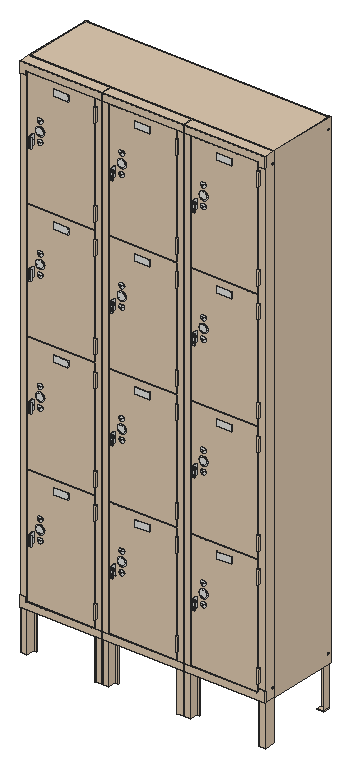
Revit family "Metal_Vented_Lockers-Salsbury_Industries-74000_Series-3_Wide_Units", category Specialty Equipment, Revit 2016 (continued)
Definition of nested family "Metal Locker Zee Base - 3 Wide"
  Dimensions and locks (in)
    plane 15 "Inside Edge of Right Leg" to plane 10 "Right Side of Door Opening" = 0.440"
    plane 9 "Front of Unit" to plane 16 = 1.185"
    plane 15 "Inside Edge of Right Leg" to plane 21 "Inside Edge or Rear Right Leg" to plane 10 "Right Side of Door Opening" to plane 18 "Right Edge of Rear Right Leg" to plane 7 "Right Side of Unit" = 0.320", 0.120", 0.880", 0.120"
    plane 6 "Left Side of Unit" to plane 19 "Left Edge or Rear Left Leg" to plane 11 "Left Side of Door Opening" to plane 22 "Inside Edge or Left Rear Leg" to plane 14 "Inside Edge of Front Leg" = 0.120", 0.880", 0.120", 0.320"
    plane 20 to plane 17 "Back Edge of Rear Legs" to plane 8 "Back of Unit" = 1.000", 0.110"
    aligned and locked: level to plane 2
    aligned and locked: Extrusion 1 to Extrusion 2
    aligned and locked: Extrusion 4 to Extrusion 3
    aligned and locked: Extrusion 1 to plane 18 "Right Edge of Rear Right Leg"
    aligned and locked: Extrusion 1 to plane 17 "Back Edge of Rear Legs"
    aligned and locked: Extrusion 3 to plane 19 "Left Edge or Rear Left Leg"
    aligned and locked: plane 17 "Back Edge of Rear Legs" to Extrusion 3
    aligned and locked: Extrusion 1 to plane 12 "Top of back legs"
    aligned and locked: plane 12 "Top of back legs" to Extrusion 3
    aligned and locked: Extrusion 5 to plane 7 "Right Side of Unit"
    aligned and locked: plane 6 "Left Side of Unit" to Extrusion 5
  Automatic sketch dimensions
    plane 17 "Back Edge of Rear Legs" to Extrusion 1 sketch curve = 0.000"
    Extrusion 1 sketch curve to plane 21 "Inside Edge or Rear Right Leg" = 0.000"
    Extrusion 1 sketch curve to plane 18 "Right Edge of Rear Right Leg" = 0.000"
    plane 20 to Extrusion 1 sketch curve = 0.000"
    plane 17 "Back Edge of Rear Legs" to Extrusion 1 sketch curve = 0.060"
    plane 18 "Right Edge of Rear Right Leg" to Extrusion 1 sketch curve = 0.060"
    plane 17 "Back Edge of Rear Legs" to Extrusion 2 sketch curve = 0.000"
    Extrusion 2 sketch curve to plane 18 "Right Edge of Rear Right Leg" = 0.000"
    plane 20 to Extrusion 2 sketch curve = 0.000"
    Extrusion 2 sketch curve to plane 21 "Inside Edge or Rear Right Leg" = 0.000"
    plane 17 "Back Edge of Rear Legs" to Extrusion 3 sketch curve = 0.000"
    Extrusion 3 sketch curve to plane 22 "Inside Edge or Left Rear Leg" = 0.000"
    Extrusion 3 sketch curve to plane 19 "Left Edge or Rear Left Leg" = 0.000"
    plane 20 to Extrusion 3 sketch curve = 0.000"
    Extrusion 3 sketch curve to plane 17 "Back Edge of Rear Legs" = 0.060"
    Extrusion 3 sketch curve to plane 19 "Left Edge or Rear Left Leg" = 0.060"
    plane 17 "Back Edge of Rear Legs" to Extrusion 4 sketch curve = 0.000"
    Extrusion 4 sketch curve to plane 19 "Left Edge or Rear Left Leg" = 0.000"
    plane 20 to Extrusion 4 sketch curve = 0.000"
    Extrusion 4 sketch curve to plane 22 "Inside Edge or Left Rear Leg" = 0.000"
    Extrusion 5 sketch curve to plane 9 "Front of Unit" = 0.000"
    Extrusion 5 sketch curve to level = 0.000"
    Extrusion 5 sketch curve to plane 13 "Back Edge of Front Facing" = 0.000"
    plane 5 "Bottom of Unit" to Extrusion 5 sketch curve = 0.000"
    Extrusion 5 sketch curve to plane 13 "Back Edge of Front Facing" = 0.060"
    Extrusion 5 sketch curve to Extrusion 5 sketch curve = 1.588"
    level to Extrusion 5 sketch curve = 0.060"
    plane 5 "Bottom of Unit" to Extrusion 5 sketch curve = 0.060"
Definition of nested family "Metal Locker Zee Base-Right Side"
  Parameters (values of type "77578 Right - 18" D")
    Width including Rivet [instance] = 1.290"
    Visible = yes
    Primary Structure Material = none
    Depth = 16.362"
    Version = "1.0 (11/30/15)"
    Type Comments = "Zee Base Kit for Standard Metal Lockers - No Legs"
    Model = "77578"
    MasterFormat Title = ""
    MasterFormat Number = ""
    Manufacturer = "Salsbury Industries"
    Description = "4\" H x 6' L - for 12\" Deep Lockers (Includes 6 Foot Front Base, 2 End Bases, Corner Splicer and 4 Rear Legs)"
    Width = 4.000"
    Height = 4.000"
    Assembly Code = ""
  Types (4): name | Visible | Depth | Type Comments | Model | Description
    77572 Right - 12" D | yes | 10.362" | "Zee Base Kit for Standard Metal Lockers - No Legs" | "77572" | "4\" H x 6' L - for 12\" Deep Lockers (Includes 6 Foot Front Base, 2 End Bases, Corner Splicer and 4 Rear Legs)"
    77575 Right - 15" D | yes | 13.362" | "Zee Base Kit for Standard Metal Lockers - No Legs" | "77575" | "4\" H x 6' L - for 12\" Deep Lockers (Includes 6 Foot Front Base, 2 End Bases, Corner Splicer and 4 Rear Legs)"
    77578 Right - 18" D | yes | 16.362" | "Zee Base Kit for Standard Metal Lockers - No Legs" | "77578" | "4\" H x 6' L - for 12\" Deep Lockers (Includes 6 Foot Front Base, 2 End Bases, Corner Splicer and 4 Rear Legs)"
    None | no | 10.362" | "End Base for Standard Metal Lockers" | "" | ""
  Reference planes (in)
    plane 1 "Center (Front/Back)": y = 0
    plane 2: z = 0
    plane 3 "Center (Left/Right)": x = 3.99
    plane 4 "Floor": z = 0
    plane 5 "Top of Enclosure": z = 4
    plane 6 "Left Edge of Insert": x = 4.77
    plane 7 "Right Side of Unit": x = 5.99
    plane 8 "Left Edge of Enclosure": y = -8.181
    plane 9 "Right Edge of Enclosure": y = 8.181
    plane 10 "Bottom Edge of Enclosure": z = 0.06
    plane 11 "Left Edge of Base": x = 1.99
  Forms (in)
    Extrusion 1, solid, material <- "Primary Structure Material", visible <- "Visible"
      sketch origin (5.99, 0, 0) x (0, 0, -1) y (0, -1, 0)
        loop
          line (-4, 6.93967) -> (-4, -6.931) -> (-3.94, -6.931) -> (-3.94, 6.93967) -> (-4, 6.93967)
      from 0.06 to 1.22
    Extrusion 2, solid, material <- "Primary Structure Material", visible <- "Visible"
      sketch origin (0, 0, 0) x (0, -1, 0) y (1, 0, 0)
        loop
          line (-8.181, 1.99) -> (-8.121, 1.99) -> (-8.121, 5.93) -> (8.121, 5.93) -> (8.121, 1.99) -> (8.181, 1.99) -> (8.181, 5.99) -> (-8.181, 5.99) -> (-8.181, 1.99)
      from 0.06 to 4
  Dimensions and locks (in)
    "Height": plane 5 "Top of Enclosure" to plane 4 "Floor"
    equal spacing: plane 8 "Left Edge of Enclosure", plane 1 "Center (Front/Back)", plane 9 "Right Edge of Enclosure"
    "Depth": plane 8 "Left Edge of Enclosure" to plane 9 "Right Edge of Enclosure"
    "Width": plane 11 "Left Edge of Base" to plane 7 "Right Side of Unit"
    equal spacing: plane 11 "Left Edge of Base", plane 3 "Center (Left/Right)", plane 7 "Right Side of Unit"
    locked: plane 4 "Floor" to plane 10 "Bottom Edge of Enclosure" at 0.06
    aligned and locked: level to plane 2
    aligned and locked: plane 6 "Left Edge of Insert" to Extrusion 1
    aligned and locked: Extrusion 2 to plane 9 "Right Edge of Enclosure"
    aligned and locked: Extrusion 2 to plane 10 "Bottom Edge of Enclosure"
    aligned and locked: plane 11 "Left Edge of Base" to Extrusion 2
  Automatic sketch dimensions
    plane 5 "Top of Enclosure" to Extrusion 1 sketch curve = 0.000"
    Extrusion 1 sketch curve to Extrusion 1 sketch curve = 0.060"
    plane 9 "Right Edge of Enclosure" to Extrusion 1 sketch curve = 1.250"
    Extrusion 1 sketch curve to plane 8 "Left Edge of Enclosure" = 1.24133"
    Extrusion 2 sketch curve to plane 7 "Right Side of Unit" = 0.000"
    plane 9 "Right Edge of Enclosure" to Extrusion 2 sketch curve = 0.000"
    plane 6 "Left Edge of Insert" to Extrusion 2 sketch curve = 2.780"  (x2)
    Extrusion 2 sketch curve to Extrusion 2 sketch curve = 0.060"
    plane 7 "Right Side of Unit" to Extrusion 2 sketch curve = 0.060"
    Extrusion 2 sketch curve to plane 8 "Left Edge of Enclosure" = 0.060"
    Extrusion 2 sketch curve to plane 8 "Left Edge of Enclosure" = 0.000"
Definition of nested family "Metal Locker Zee Base-Left Side"
  Parameters (values of type "77572 Left - 12" D")
    Width including Rivet [instance] = 1.290"
    Visible = yes
    Primary Structure Material = none
    Depth = 10.362"
    Version = "1.0 (11/30/15)"
    Type Comments = "Zee Base Kit for Standard Metal Lockers - No Legs"
    Model = "77572"
    MasterFormat Title = ""
    MasterFormat Number = ""
    Manufacturer = "Salsbury Industries"
    Description = "4\" H x 6' L - for 12\" Deep Lockers (Includes 6 Foot Front Base, 2 End Bases, Corner Splicer and 4 Rear Legs)"
    Width = 4.000"
    Height = 4.000"
    Assembly Code = ""
  Types (4): name | Visible | Depth | Type Comments | Model | Description
    77572 Left - 12" D | yes | 10.362" | "Zee Base Kit for Standard Metal Lockers - No Legs" | "77572" | "4\" H x 6' L - for 12\" Deep Lockers (Includes 6 Foot Front Base, 2 End Bases, Corner Splicer and 4 Rear Legs)"
    77575 Left - 15" D | yes | 13.362" | "Zee Base Kit for Standard Metal Lockers - No Legs" | "77575" | "4\" H x 6' L - for 12\" Deep Lockers (Includes 6 Foot Front Base, 2 End Bases, Corner Splicer and 4 Rear Legs)"
    77578 Left- 18" D | yes | 16.362" | "Zee Base Kit for Standard Metal Lockers - No Legs" | "77578" | "4\" H x 6' L - for 12\" Deep Lockers (Includes 6 Foot Front Base, 2 End Bases, Corner Splicer and 4 Rear Legs)"
    None | no | 10.362" | "End Base for Standard Metal Lockers" | "" | ""
  Reference planes (in)
    plane 1 "Center (Front/Back)": y = 0
    plane 2: z = 0
    plane 3 "Center (Left/Right)": x = 3.99
    plane 4 "Floor": z = 0
    plane 5 "Top of Enclosure": z = 4
    plane 6 "Right Side of Unit": x = 5.99
    plane 7 "Left Edge of Enclosure": y = -5.181
    plane 8 "Right Edge of Enclosure": y = 5.181
    plane 9 "Bottom Edge of Enclosure": z = 0.06
    plane 10 "Left Edge of Base": x = 1.99
    plane 11 "Right Edge of Inser": x = 3.21
  Forms (in)
    Extrusion 1, solid, material <- "Primary Structure Material", visible <- "Visible"
      sketch origin (7.98, 0, 0) x (0, -1, 0) y (1, 0, 0)
        loop
          line (-5.181, -1.99) -> (-5.181, -5.99) -> (5.181, -5.99) -> (5.181, -1.99) -> (5.121, -1.99) -> (5.121, -5.93) -> (-5.121, -5.93) -> (-5.121, -1.99) -> (-5.181, -1.99)
      from 0.06 to 4
    Extrusion 2, solid, material <- "Primary Structure Material", visible <- "Visible"
      sketch origin (1.99, 0, 0) x (0, 0, -1) y (0, 1, 0)
        loop
          line (-4, -3.93967) -> (-3.94, -3.93967) -> (-3.94, 3.931) -> (-4, 3.931) -> (-4, -3.93967)
      from 0.06 to 1.22
  Dimensions and locks (in)
    "Height": plane 5 "Top of Enclosure" to plane 4 "Floor"
    equal spacing: plane 7 "Left Edge of Enclosure", plane 1 "Center (Front/Back)", plane 8 "Right Edge of Enclosure"
    "Depth": plane 7 "Left Edge of Enclosure" to plane 8 "Right Edge of Enclosure"
    "Width": plane 10 "Left Edge of Base" to plane 6 "Right Side of Unit"
    equal spacing: plane 10 "Left Edge of Base", plane 3 "Center (Left/Right)", plane 6 "Right Side of Unit"
    locked: plane 4 "Floor" to plane 9 "Bottom Edge of Enclosure" at 0.06
    aligned and locked: level to plane 2
    aligned and locked: plane 10 "Left Edge of Base" to Extrusion 1
  Automatic sketch dimensions
    plane 8 "Right Edge of Enclosure" to Extrusion 1 sketch curve = 0.000"
    Extrusion 1 sketch curve to plane 6 "Right Side of Unit" = 0.000"  (x2)
    plane 7 "Left Edge of Enclosure" to Extrusion 1 sketch curve = 0.000"
    Extrusion 1 sketch curve to plane 10 "Left Edge of Base" = 0.000"
    Extrusion 1 sketch curve to Extrusion 1 sketch curve = 0.060"
    plane 7 "Left Edge of Enclosure" to Extrusion 1 sketch curve = 0.060"
    plane 10 "Left Edge of Base" to Extrusion 1 sketch curve = 0.060"
    plane 5 "Top of Enclosure" to Extrusion 2 sketch curve = 0.000"
    Extrusion 2 sketch curve to Extrusion 2 sketch curve = 0.060"
    Extrusion 2 sketch curve to plane 7 "Left Edge of Enclosure" = 1.24133"
    plane 8 "Right Edge of Enclosure" to Extrusion 2 sketch curve = 1.250"
Definition of nested family "Metal Locker Zee Base Corner"
  Parameters (values of type "77572, 77575, 77578")
    Width = 2.000"
    Visible = yes
    Version = "1.0 (11/30/15)"
    Type Comments = "Zee Base Kit for Standard Metal Lockers - No Legs"
    Primary Structure Material = none
    Model = "n/a"
    Manufacturer = "Salsbury Industries"
    Height = 3.940"
    Description = "4\" H x 6' L - for 12\" Deep Lockers (Includes 6 Foot Front Base, 2 End Bases, Corner Splicer and 4 Rear Legs)"
    Depth = 2.000"
  Types (2): name | Visible
    77572, 77575, 77578 | yes
    None | no
  Reference planes (in)
    plane 1 "Center (Front/Back)": y = 0
    plane 2 "Bottom of Component": z = 0
    plane 3 "Center (Left/Right)": x = 0
    plane 4: z = 3.94
    plane 5: x = -1
    plane 6: x = 1
    plane 7 "Front": y = -1
    plane 8 "Back": y = 1
  Forms (in)
    Extrusion 1, solid, material <- "Primary Structure Material", visible <- "Visible"
      sketch origin (0, 0, 0) x (1, 0, 0) y (0, 1, 0)
        loop
          line (-1, 1) -> (-1, 0.94) -> (0.94, 0.94) -> (0.94, -1) -> (1, -1) -> (1, 1) -> (-1, 1)
      from 0 to 3.94
  Dimensions and locks (in)
    "Height": plane 4 to plane 2 "Bottom of Component"
    equal spacing: plane 5, plane 3 "Center (Left/Right)", plane 6
    "Width": plane 5 to plane 6
    equal spacing: plane 7 "Front", plane 1 "Center (Front/Back)", plane 8 "Back"
    "Depth": plane 7 "Front" to plane 8 "Back"
    aligned and locked: plane 2 "Bottom of Component" to level
  Automatic sketch dimensions
    Extrusion 1 sketch curve to plane 5 = 0.000"
    plane 7 "Front" to Extrusion 1 sketch curve = 0.000"
    Extrusion 1 sketch curve to plane 6 = 0.000"
    plane 8 "Back" to Extrusion 1 sketch curve = 0.000"
    plane 6 to Extrusion 1 sketch curve = 0.060"
    Extrusion 1 sketch curve to Extrusion 1 sketch curve = 0.060"
Definition of nested family "Metal Locker End Panel"
  Parameters (values of type "77362 - for 6' H x 12" D Lockers")
    Width = 0.925"
    Visible = yes
    Version = "1.0 (11/30/15)"
    Type Comments = "Finished End Panel for Standard Metal Lockers"
    Primary Structure Material = none
    Model = "77362"
    MasterFormat Title = ""
    MasterFormat Number = ""
    Manufacturer = "Salsbury Industries"
    Height = 72.000"
    Description = "End Panel for 6' H x 12\" Deep Lockers"
    Depth = 12.010"
    Assembly Code = ""
  Types (7): name | Visible | Model | Height | Description | Depth
    77362 - for 6' H x 12" D Lockers | yes | "77362" | 72.000" | "End Panel for 6' H x 12\" Deep Lockers" | 12.010"
    77365 - for 6' H x 15" D Lockers | yes | "77365" | 72.000" | "End Panel for 6' H x 15\" Deep Lockers" | 15.010"
    77368 - for 6' H X 18" D Lockers | yes | "77368" | 72.000" | "End Panel for 6' H x 18\" Deep Lockers" | 18.010"
    77352 - for 5' H x 12" D Lockers | yes | "77352" | 60.000" | "End Panel for 5' H x 12\" Deep Lockers" | 12.010"
    77355 - for 5' H x 15" D Lockers | yes | "77355" | 60.000" | "End Panel for 5' H x 15\" Deep Lockers" | 15.010"
    77358 - for 5' H x 18" D Lockers | yes | "77358" | 60.000" | "End Panel for 5' H x 18\" Deep Lockers" | 18.010"
    None | no | "n/a" | 72.000" | "" | 12.010"
  Reference planes (in)
    plane 1 "Center (Front/Back)": y = -2.167
    plane 2: z = 0
    plane 3 "Center (Left/Right)": x = -4.595
    plane 4 "Bottom of Panel": z = 0
    plane 5 "Top of Panel": z = 72
    plane 6 "Front of Panel": y = -8.172
    plane 7 "Right Side of Enclosure": x = -4.1325
    plane 8 "Left Side of Enclosure": x = -5.0575
    plane 9 "Back of Panel": y = 3.838
    plane 10: z = 36
    plane 11: z = 70.283
    plane 12: z = 1.717
    plane 13 "Outside Edge of Front Flap": y = -8.23214
    plane 14 "Outside Edge of Back Flap": y = 3.898
  Forms (in)
    Extrusion 1, solid, material <- "Primary Structure Material", visible <- "Visible"
      sketch origin (-4.1325, 0.48244, 0) x (0, 0, -1) y (0, -1, 0)
        loop
          line (-72, 8.71458) -> (-72, -3.41556) -> (0, -3.41556) -> (0, 8.71458) -> (-72, 8.71458)
      from 0 to -0.06
    Extrusion 2, solid, material <- "Primary Structure Material", visible <- "Visible"
      sketch origin (0, 3.838, 0) x (0, 0, -1) y (1, 0, 0)
        loop
          line (-72, -5.0575) -> (0, -5.0575) -> (0, -4.1325) -> (-72, -4.1325) -> (-72, -5.0575)
      from 0 to -0.06
    Extrusion 3, solid, material <- "Primary Structure Material", visible <- "Visible"
      sketch origin (0, -8.172, 0) x (1, 0, 0) y (0, 0, 1)
        loop
          line (-5.0575, 70.283) -> (-5.0575, 1.717) -> (-4.1325, 1.717) -> (-4.1325, 70.283) -> (-5.0575, 70.283)
      from 0.06014 to 0
  Dimensions and locks (in)
    equal spacing: plane 6 "Front of Panel", plane 1 "Center (Front/Back)", plane 9 "Back of Panel"
    "Depth": plane 6 "Front of Panel" to plane 9 "Back of Panel"
    equal spacing: plane 8 "Left Side of Enclosure", plane 3 "Center (Left/Right)", plane 7 "Right Side of Enclosure"
    "Width": plane 8 "Left Side of Enclosure" to plane 7 "Right Side of Enclosure"
    equal spacing: plane 5 "Top of Panel", plane 10, plane 2
    "Height": plane 5 "Top of Panel" to plane 2
    locked: plane 5 "Top of Panel" to plane 11 at 1.717
    locked: plane 13 "Outside Edge of Front Flap" to plane 6 "Front of Panel" at 0.06014
    locked: plane 9 "Back of Panel" to plane 14 "Outside Edge of Back Flap" at 0.06
    aligned and locked: level to plane 2
    aligned and locked: plane 5 "Top of Panel" to Extrusion 1 sketch curve
    aligned and locked: plane 5 "Top of Panel" to Extrusion 2 sketch curve
    aligned and locked: Extrusion 2 to plane 9 "Back of Panel"
    aligned and locked: plane 11 to Extrusion 3 sketch curve
    aligned and locked: plane 6 "Front of Panel" to Extrusion 3
    aligned and locked: plane 14 "Outside Edge of Back Flap" to Extrusion 2
    aligned and locked: Extrusion 1 to plane 14 "Outside Edge of Back Flap"
    aligned and locked: plane 13 "Outside Edge of Front Flap" to Extrusion 3
    aligned and locked: Extrusion 2 to plane 7 "Right Side of Enclosure"
    aligned and locked: Extrusion 3 to plane 7 "Right Side of Enclosure"
  Automatic sketch dimensions
    Extrusion 1 sketch curve to level = 0.000"
    Extrusion 2 sketch curve to level = 0.000"
    plane 8 "Left Side of Enclosure" to Extrusion 2 sketch curve = 0.000"
    plane 7 "Right Side of Enclosure" to Extrusion 2 sketch curve = 0.000"
    plane 8 "Left Side of Enclosure" to Extrusion 3 sketch curve = 0.000"
    Extrusion 3 sketch curve to plane 12 = 0.000"
    plane 7 "Right Side of Enclosure" to Extrusion 3 sketch curve = 0.000"
    Extrusion 1 sketch curve to plane 14 "Outside Edge of Back Flap" = 0.000"
    plane 6 "Front of Panel" to Extrusion 1 sketch curve = 0.06014"
Definition of nested family "Metal Locker Front Filler"
  Parameters (values of type "77869 - for 6' H Lockers (Zee Base or No Legs)")
    Width = 9.000"
    Visible = yes
    Version = "1.0 (11/30/15)"
    Type Comments = "Vertical Front Filler for Standard Metal Lockers"
    Primary Structure Material = none
    Model = "77865"
    MasterFormat Title = ""
    MasterFormat Number = ""
    Manufacturer = "Salsbury Industries"
    Height = 72.000"
    Description = "9\" W Vertical Front Filler for 6' H Lockers"
    Depth = 1.500"
    Assembly Code = ""
  Types (9): name | Width | Visible | Model | Height | Description | Depth
    77865 - for 6' H Lockers with Legs | 15.000" | yes | "77865" | 78.000" | "15\" W Vertical Front Filler for 6' H Lockers" | 1.000"
    77869 - for 6' H Lockers with Legs | 9.000" | yes | "77865" | 78.000" | "9\" W Vertical Front Filler for 6' H Lockers" | 1.000"
    77855 - for 5' H Lockers with Legs | 15.000" | yes | "77855" | 66.000" | "15\" W Vertical Front Filler for 5' H Lockers" | 1.000"
    77859 - for 5' H Lockers with Legs | 9.000" | yes | "77859" | 66.000" | "9\" W Vertical Front Filler for 5' H Lockers" | 1.000"
    None | 15.000" | no | "n/a" | 78.000" | "" | 1.500"
    77865 - for 6' H Lockers (Zee Base or No Legs) | 15.000" | yes | "77865" | 72.000" | "15\" W Vertical Front Filler for 6' H Lockers" | 1.000"
    77869 - for 6' H Lockers (Zee Base or No Legs) | 9.000" | yes | "77865" | 72.000" | "9\" W Vertical Front Filler for 6' H Lockers" | 1.500"
    77859 - for 5' H Lockers (Zee Base or No Legs) | 9.000" | yes | "77859" | 60.000" | "9\" W Vertical Front Filler for 5' H Lockers" | 1.000"
    77855 - for 5' H Lockers (Zee Base or No Legs) | 15.000" | yes | "77855" | 60.000" | "15\" W Vertical Front Filler for 5' H Lockers" | 1.000"
  Reference planes (in)
    plane 1 "Center (Front/Back)": y = -2.167
    plane 2: z = 0
    plane 3 "Center (Left/Right)": x = -4.595
    plane 4 "Bottom of Filler": z = 0
    plane 5 "Top of Panel": z = 72
    plane 6 "Front of Filler": y = -2.917
    plane 7 "Right Side of Filler": x = -0.095
    plane 8 "Left Side of Filler": x = -9.095
    plane 9 "Back of Filler": y = -1.417
    plane 10: z = 36
  Forms (in)
    Extrusion 1, solid, material <- "Primary Structure Material", visible <- "Visible"
      sketch origin (0, 0, 0) x (0, -1, 0) y (1, 0, 0)
        loop
          line (1.417, -9.095) -> (2.917, -9.095) -> (2.917, -1.095) -> (2.869, -1.095) -> (2.869, -9.047) -> (1.417, -9.047) -> (1.417, -9.095)
      from 0 to 72
    Extrusion 2, solid, material <- "Primary Structure Material", visible <- "Visible"
      sketch origin (0, -0.20425, 0) x (0, -1, 0) y (1, 0, 0)
        loop
          line (1.30875, -0.095) -> (1.30875, -0.143) -> (2.76075, -0.143) -> (2.76075, -1.595) -> (2.80875, -1.595) -> (2.80875, -0.095) -> (1.30875, -0.095)
      from 0 to 72
    Extrusion 3, solid, material <- "Primary Structure Material", visible <- "Visible"
      sketch origin (0, 0.10825, 0) x (0, -1, 0) y (1, 0, 0)
        loop
          line (3.07325, -1.595) -> (3.07325, -0.82524) -> (3.02525, -0.82524) -> (3.02525, -1.376) -> (3.02525, -1.449) -> (3.02525, -1.522) -> (3.02525, -1.595) -> (3.07325, -1.595)
      from 0 to 72
    Extrusion 4, solid, material <- "Primary Structure Material", visible <- "Visible"
      sketch origin (0, 0, 0) x (0, -1, 0) y (1, 0, 0)
        loop
          line (2.917, -0.82524) -> (2.821, -0.82524) -> (2.821, -1.80024) -> (2.869, -1.80024) -> (2.869, -0.87324) -> (2.917, -0.87324) -> (2.917, -0.82524)
      from 0 to 72
  Dimensions and locks (in)
    equal spacing: plane 6 "Front of Filler", plane 1 "Center (Front/Back)", plane 9 "Back of Filler"
    "Depth": plane 6 "Front of Filler" to plane 9 "Back of Filler"
    equal spacing: plane 8 "Left Side of Filler", plane 3 "Center (Left/Right)", plane 7 "Right Side of Filler"
    "Width": plane 8 "Left Side of Filler" to plane 7 "Right Side of Filler"
    equal spacing: plane 5 "Top of Panel", plane 10, plane 2
    "Height": plane 5 "Top of Panel" to plane 2
    aligned and locked: level to plane 2
    aligned and locked: Extrusion 1 to plane 5 "Top of Panel"
    aligned and locked: Extrusion 2 to plane 5 "Top of Panel"
    aligned and locked: Extrusion 3 to plane 5 "Top of Panel"
    aligned and locked: Extrusion 4 to plane 5 "Top of Panel"
  Automatic sketch dimensions
    plane 9 "Back of Filler" to Extrusion 1 sketch curve = 0.000"
    plane 6 "Front of Filler" to Extrusion 1 sketch curve = 0.000"
    Extrusion 1 sketch curve to plane 8 "Left Side of Filler" = 0.000"
    Extrusion 1 sketch curve to plane 6 "Front of Filler" = 0.048"
    Extrusion 1 sketch curve to Extrusion 1 sketch curve = 0.048"
    plane 7 "Right Side of Filler" to Extrusion 1 sketch curve = 1.000"
    Extrusion 2 sketch curve to plane 7 "Right Side of Filler" = 0.000"
    plane 7 "Right Side of Filler" to Extrusion 2 sketch curve = 0.048"
    plane 9 "Back of Filler" to Extrusion 2 sketch curve = 0.096"
    plane 6 "Front of Filler" to Extrusion 2 sketch curve = 0.048"
    Extrusion 2 sketch curve to Extrusion 2 sketch curve = 0.048"
    Extrusion 2 sketch curve to Extrusion 2 sketch curve = 1.452"
    plane 6 "Front of Filler" to Extrusion 3 sketch curve = 0.000"
    plane 7 "Right Side of Filler" to Extrusion 3 sketch curve = 1.500"
    Extrusion 3 sketch curve to Extrusion 3 sketch curve = 0.073"  (x3)
    Extrusion 3 sketch curve to Extrusion 3 sketch curve = 0.55076"
    Extrusion 3 sketch curve to Extrusion 3 sketch curve = 0.048"
    plane 6 "Front of Filler" to Extrusion 4 sketch curve = 0.000"
    Extrusion 4 sketch curve to plane 6 "Front of Filler" = 0.048"
    Extrusion 4 sketch curve to Extrusion 4 sketch curve = 0.048"  (x2)
    plane 7 "Right Side of Filler" to Extrusion 4 sketch curve = 1.70524"
    plane 7 "Right Side of Filler" to Extrusion 4 sketch curve = 0.77824"
Definition of nested family "Metal Locker Flat Top Filler"
  Parameters (values of type "77842 - for 12" Deep Lockers (15" W)")
    Width = 16.250"
    Visible = yes
    Version = "1.0 (11/30/15)"
    Type Comments = "Flat Top Filler for Standard Metal Lockers"
    Primary Structure Material = none
    Model = "77842"
    MasterFormat Title = ""
    MasterFormat Number = ""
    Manufacturer = "Salsbury Industries"
    Height = 1.003"
    Description = "15\"W Flat Top In-Line Filler"
    Depth = 12.118"
    Assembly Code = ""
  Types (7): name | Width | Visible | Model | Depth
    77842 - for 12" Deep Lockers (15" W) | 16.250" | yes | "77842" | 12.118"
    77842 - for 12" Deep Lockers (9" W) | 10.250" | yes | "77842" | 12.118"
    77845 - for 15" Deep Lockers (15" W) | 16.250" | yes | "77845" | 15.118"
    77845 - for 15" Deep Lockers (9" W) | 10.250" | yes | "77845" | 15.118"
    77848 - for 18" Deep Lockers (15" W) | 16.250" | yes | "77848" | 18.118"
    77848 - for 18" Deep Lockers (9" W) | 10.250" | yes | "77848" | 18.118"
    None | 16.250" | no | "" | 12.118"
  Reference planes (in)
    plane 1 "Center (Front/Back)": y = -2.167
    plane 2: z = 0
    plane 3 "Center (Left/Right)": x = -4.595
    plane 4 "Bottom of Panel": z = 0
    plane 5 "Top of Panel": z = 1.003
    plane 6 "Front of Panel": y = -8.226
    plane 7 "Right Side of Enclosure": x = 3.53
    plane 8 "Left Side of Enclosure": x = -12.72
    plane 9 "Back of Panel": y = 3.892
    plane 10: z = 0.5015
  Forms (in)
    Extrusion 1, solid, material <- "Primary Structure Material", visible <- "Visible"
      sketch origin (-4.595, 0, 0) x (0, 1, 0) y (0, 0, 1)
        loop
          line (-8.226, 0) -> (-8.178, 0) -> (-8.178, 0.955) -> (3.892, 0.955) -> (3.892, 1.003) -> (-8.226, 1.003) -> (-8.226, 0)
      from -8.125 to 8.125
  Dimensions and locks (in)
    equal spacing: plane 6 "Front of Panel", plane 1 "Center (Front/Back)", plane 9 "Back of Panel"
    "Depth": plane 6 "Front of Panel" to plane 9 "Back of Panel"
    equal spacing: plane 8 "Left Side of Enclosure", plane 3 "Center (Left/Right)", plane 7 "Right Side of Enclosure"
    "Width": plane 8 "Left Side of Enclosure" to plane 7 "Right Side of Enclosure"
    equal spacing: plane 5 "Top of Panel", plane 10, plane 2
    "Height": plane 5 "Top of Panel" to plane 2
    aligned and locked: level to plane 2
    aligned and locked: Extrusion 1 to plane 7 "Right Side of Enclosure"
    aligned and locked: plane 8 "Left Side of Enclosure" to Extrusion 1
    aligned and locked: plane 6 "Front of Panel" to Extrusion 1
    aligned and locked: Extrusion 1 to plane 9 "Back of Panel"
  Automatic sketch dimensions
    plane 5 "Top of Panel" to Extrusion 1 sketch curve = 0.000"
    Extrusion 1 sketch curve to plane 6 "Front of Panel" = 0.000"
    Extrusion 1 sketch curve to level = 0.000"
    Extrusion 1 sketch curve to plane 9 "Back of Panel" = 0.000"
    Extrusion 1 sketch curve to plane 6 "Front of Panel" = 0.048"
    plane 5 "Top of Panel" to Extrusion 1 sketch curve = 0.048"
Definition of nested family "Metal Locker Flat Corner Filler"
  Parameters (values of type "77832 - for 12" Deep Lockers")
    Width = 12.625"
    Visible = yes
    Version = "1.0 (11/30/15)"
    Type Comments = "Flat Top Corner Filler for Standard Metal Lockers"
    Primary Structure Material = none
    Model = "77832"
    MasterFormat Title = ""
    MasterFormat Number = ""
    Manufacturer = "Salsbury Industries"
    Height = 0.048"
    Description = "12\"W Flat Top Corner Filler"
    Depth = 12.625"
    Assembly Code = ""
  Types (4): name | Width | Visible | Model | Description | Depth
    77832 - for 12" Deep Lockers | 12.625" | yes | "77832" | "12\"W Flat Top Corner Filler" | 12.625"
    77835 - for 15" Deep Lockers | 15.625" | yes | "77835" | "15\"W Flat Top Corner Filler" | 15.625"
    77838 - for 18" Deep Lockers | 18.625" | yes | "77838" | "18\"W Flat Top Corner Filler" | 18.625"
    None | 12.625" | no | "" | "" | 12.625"
  Reference planes (in)
    plane 1 "Center (Front/Back)": y = -2.167
    plane 2: z = 0
    plane 3 "Center (Left/Right)": x = -4.595
    plane 4 "Bottom of Panel": z = 0
    plane 5 "Top of Panel": z = 0.048
    plane 6 "Front of Panel": y = -8.4795
    plane 7 "Right Side of Enclosure": x = 1.7175
    plane 8 "Left Side of Enclosure": x = -10.9075
    plane 9 "Back of Panel": y = 4.1455
    plane 10: z = 0.024
  Forms (in)
    Extrusion 1, solid, material <- "Primary Structure Material", visible <- "Visible"
      sketch origin (0, 0, 0) x (0, -1, 0) y (1, 0, 0)
        loop
          line (7.8545, -10.9075) -> (7.8545, -10.2825) -> (8.4795, -10.2825) -> (8.4795, 1.7175) -> (-4.1455, 1.7175) -> (-4.1455, -10.9075) -> (7.8545, -10.9075)
      from 0 to 0.048
  Dimensions and locks (in)
    equal spacing: plane 6 "Front of Panel", plane 1 "Center (Front/Back)", plane 9 "Back of Panel"
    "Depth": plane 6 "Front of Panel" to plane 9 "Back of Panel"
    equal spacing: plane 8 "Left Side of Enclosure", plane 3 "Center (Left/Right)", plane 7 "Right Side of Enclosure"
    "Width": plane 8 "Left Side of Enclosure" to plane 7 "Right Side of Enclosure"
    equal spacing: plane 5 "Top of Panel", plane 10, plane 2
    "Height": plane 5 "Top of Panel" to plane 2
    aligned and locked: level to plane 2
    aligned and locked: Extrusion 1 to plane 9 "Back of Panel"
    aligned and locked: plane 6 "Front of Panel" to Extrusion 1
    aligned and locked: Extrusion 1 to plane 7 "Right Side of Enclosure"
    aligned and locked: plane 8 "Left Side of Enclosure" to Extrusion 1
  Automatic sketch dimensions
    Extrusion 1 sketch curve to plane 8 "Left Side of Enclosure" = 0.000"
    plane 9 "Back of Panel" to Extrusion 1 sketch curve = 0.000"
    plane 6 "Front of Panel" to Extrusion 1 sketch curve = 0.000"
    Extrusion 1 sketch curve to plane 7 "Right Side of Enclosure" = 0.000"
    Extrusion 1 sketch curve to plane 8 "Left Side of Enclosure" = 0.625"
    Extrusion 1 sketch curve to plane 6 "Front of Panel" = 0.625"
Definition of nested family "Metal Locker Sloping Top Filler"
  Parameters (values of type "77882 - for 12" Deep Lockers (15" W)")
    Width = 16.250"
    Visible = yes
    Version = "1.0 (11/30/15)"
    Type Comments = "Sloping Hood In-Line Filler for Standard Metal Lockers"
    Slope Angle = 28.761°
    Primary Structure Material = none
    Model = "77882"
    MasterFormat Title = ""
    MasterFormat Number = ""
    Manufacturer = "Salsbury Industries"
    Height = 1.003"
    Description = "15\"W Sloping Hood In-Line Filler"
    Depth = 12.118"
    Assembly Code = ""
  Types (7): name | Width | Visible | Type Comments | Slope Angle | Model | Description | Depth
    77882 - for 12" Deep Lockers (15" W) | 16.250" | yes | "Sloping Hood In-Line Filler for Standard Metal Lockers" | 28.761° | "77882" | "15\"W Sloping Hood In-Line Filler" | 12.118"
    77882 - for 12" Deep Lockers (9" W) | 10.250" | yes | "Sloping Hood In-Line Filler for Standard Metal Lockers" | 28.761° | "77882" | "15\"W Sloping Hood In-Line Filler" | 12.118"
    77885 - for 15" Deep Lockers (15" W) | 16.250" | yes | "Sloping Hood In-Line Filler for Standard Metal Lockers" | 29.946° | "77885" | "15\"W Sloping Hood In-Line Filler" | 15.118"
    77885 - for 15" Deep Lockers (9" W) | 10.250" | yes | "Sloping Hood In-Line Filler for Standard Metal Lockers" | 29.946° | "77885" | "15\"W Sloping Hood In-Line Filler" | 15.118"
    77888 - for 18" Deep Lockers (15" W) | 16.250" | yes | "Sloping Hood In-Line Filler for Standard Metal Lockers" | 30.723° | "77888" | "15\"W Sloping Hood In-Line Filler" | 18.118"
    77888 - for 18" Deep Lockers (9" W) | 10.250" | yes | "Sloping Hood In-Line Filler for Standard Metal Lockers" | 30.723° | "77888" | "15\"W Sloping Hood In-Line Filler" | 18.118"
    None | 16.250" | no | "Sloping Hood for Standard Metal Lockers" | 28.761° | "" | "" | 12.118"
  Reference planes (in)
    plane 1 "Center (Front/Back)": y = -2.167
    plane 2: z = 0
    plane 3 "Center (Left/Right)": x = -4.595
    plane 4 "Bottom of Panel": z = 0
    plane 5 "Top of Panel": z = 1.003
    plane 6 "Front of Panel": y = -8.226
    plane 7 "Right Side of Enclosure": x = 3.53
    plane 8 "Left Side of Enclosure": x = -12.72
    plane 9 "Back of Panel": y = 3.892
    plane 10: z = 0.5015
    plane 11: through (0, -7.6072, 0.33964) normal (0, -0.4812, 0.8766)
    plane 12: through (0, -7.72698, 0.21914) normal (0, -0.4812, 0.8766)
  Forms (in)
    Extrusion 1, solid, material <- "Primary Structure Material", visible <- "Visible"
      sketch origin (-4.595, 0, 0) x (0, 1, 0) y (0, 0, 1)
        loop
          line (3.892, 6.65119) -> (-8.226, 0) -> (-8.226, -1.028) -> (-8.178, -1.028) -> (-8.178, -0.02841) -> (3.892, 6.59643) -> (3.892, 6.65119)
      from -8.125 to 8.125
  Dimensions and locks (in)
    equal spacing: plane 6 "Front of Panel", plane 1 "Center (Front/Back)", plane 9 "Back of Panel"
    "Depth": plane 6 "Front of Panel" to plane 9 "Back of Panel"
    equal spacing: plane 8 "Left Side of Enclosure", plane 3 "Center (Left/Right)", plane 7 "Right Side of Enclosure"
    "Width": plane 8 "Left Side of Enclosure" to plane 7 "Right Side of Enclosure"
    equal spacing: plane 5 "Top of Panel", plane 10, plane 2
    "Height": plane 5 "Top of Panel" to plane 2
    locked: plane 11 to plane 12 at 0.048
    "Slope Angle": angle plane 4 "Bottom of Panel" to plane 11
    aligned and locked: level to plane 2
    aligned and locked: plane 11 to Extrusion 1 sketch curve
    aligned and locked: plane 12 to Extrusion 1 sketch curve
    aligned and locked: Extrusion 1 to plane 7 "Right Side of Enclosure"
    aligned and locked: plane 8 "Left Side of Enclosure" to Extrusion 1
  Automatic sketch dimensions
    Extrusion 1 sketch curve to plane 6 "Front of Panel" = 0.000"
    Extrusion 1 sketch curve to Extrusion 1 sketch curve = 0.99959"
    Extrusion 1 sketch curve to level = 0.02841"
    Extrusion 1 sketch curve to plane 9 "Back of Panel" = 0.000"
Definition of nested family "Metal Locker Sloping Corner Filler"
  Parameters (values of type "77872 - for 12" Deep Lockers")
    Width = 12.695"
    Visible = yes
    Version = "1.0 (11/30/15)"
    Type Comments = "Sloping Hood Corner Filler for Standard Metal Lockers"
    Slope Angle 2 = 28.761°
    Slope Angle 1 = 28.761°
    Primary Structure Material = none
    Model = "77872"
    MasterFormat Title = ""
    MasterFormat Number = ""
    Manufacturer = "Salsbury Industries"
    Height = 6.87897"
    Description = "12\"D Sloping Hood Corner Filler"
    Depth = 12.695"
    Assembly Code = ""
  Types (4): name | Width | Visible | Slope Angle 2 | Slope Angle 1 | Model | Description | Depth
    77872 - for 12" Deep Lockers | 12.695" | yes | 28.761° | 28.761° | "77872" | "12\"D Sloping Hood Corner Filler" | 12.695"
    77875 - for 15" Deep Lockers | 15.695" | yes | 29.946° | 29.946° | "77875" | "15\"D Sloping Hood Corner Filler" | 15.695"
    77878 - for 18" Deep Lockers | 18.695" | yes | 30.723° | 30.723° | "77878" | "18\"D Sloping Hood Corner Filler" | 18.695"
    None | 12.695" | no | 28.723° | 28.723° | "" | "" | 12.695"
  Reference planes (in)
    plane 1 "Center (Front/Back)": y = -2.167
    plane 2: z = 0
    plane 3 "Center (Left/Right)": x = -4.595
    plane 4 "Bottom of Panel": z = 0
    plane 5 "Top of Panel": z = 6.87897
    plane 6 "Front of Panel": y = -8.5145
    plane 7 "Right Side of Enclosure": x = 1.7525
    plane 8 "Left Side of Enclosure": x = -10.9425
    plane 9 "Back of Panel": y = 4.1805
    plane 10 "Center Top/Bottom": z = 3.43948
    plane 11 "Slope 1": through (0, -7.42276, 0.59922) normal (0, -0.4812, 0.8766)
    plane 12: through (0, -7.54254, 0.47872) normal (0, -0.4812, 0.8766)
    plane 13 "Diagonal Plane": through (-10.86131, 4.09969, 48) normal (0.7071, 0.7071, 0)
    plane 14 "Cutout Plane 1": y = -7.8895
    plane 15 "Cutout Plane 2": x = 1.1275
    plane 16 "Slope 2": through (1.43902, -180, 0.17206) normal (-0.4812, 0, -0.8766)
    plane 17: through (5.04554, -180, -1.86199) normal (-0.4812, 0, -0.8766)
  Forms (in)
    Extrusion 1, solid, material <- "Primary Structure Material", visible <- "Visible"
      sketch origin (-4.595, 0, 0) x (0, 1, 0) y (0, 0, 1)
        loop
          line (-7.8895, 0.28829) -> (4.1805, 6.91313) -> (4.1805, 6.96789) -> (-7.8895, 0.34304) -> (-7.8895, 0.28829)
      from -6.3475 to 6.3475
    Extrusion 2, void
      sketch origin (0, 0, 3.43948) x (1, 0, 0) y (0, 1, 0)
        loop
          line (1.75288, -8.5145) -> (-10.9425, 4.18088) -> (-10.9425, -8.5145) -> (1.75288, -8.5145)
      from -3.43948 to 8.2673
    Extrusion 3, solid, material <- "Primary Structure Material", visible <- "Visible"
      sketch origin (0, -2.167, 0) x (1, 0, 0) y (0, 0, 1)
        loop
          line (1.1275, 0.2885) -> (1.1275, 0.34304) -> (-10.9425, 6.96789) -> (-10.9425, 6.91334) -> (1.1275, 0.2885)
      from -6.3475 to 6.3475
    Extrusion 4, void
      sketch origin (-4.595, 0, 0) x (0, 1, 0) y (0, 0, 1)
        loop
          line (4.1805, 0) -> (4.1805, 6.91313) -> (-8.41474, 0) -> (4.1805, 0)
      from -6.3475 to 6.3475
    Extrusion 5, solid, not visible
      sketch origin (1.1275, 0, 0) x (0, -1, 0) y (0, 0, 1)
        loop
          line (8.60982, 0.2885) -> (7.8895, 0.2885) -> (7.8895, 0) -> (8.60982, 0) -> (8.60982, 0.2885)
      from -0.72026 to 0
  Cuts and joins
    Extrusion 2, Extrusion 4 cuts Extrusion 1
    Extrusion 4 cuts Extrusion 3
  Dimensions and locks (in)
    equal spacing: plane 6 "Front of Panel", plane 1 "Center (Front/Back)", plane 9 "Back of Panel"
    "Depth": plane 6 "Front of Panel" to plane 9 "Back of Panel"
    equal spacing: plane 8 "Left Side of Enclosure", plane 3 "Center (Left/Right)", plane 7 "Right Side of Enclosure"
    "Width": plane 8 "Left Side of Enclosure" to plane 7 "Right Side of Enclosure"
    equal spacing: plane 5 "Top of Panel", plane 10 "Center Top/Bottom", plane 2
    "Height": plane 5 "Top of Panel" to plane 2
    locked: plane 11 "Slope 1" to plane 12 at 0.048
    locked: plane 15 "Cutout Plane 2" to plane 7 "Right Side of Enclosure" at 0.625
    locked: plane 6 "Front of Panel" to plane 14 "Cutout Plane 1" at 0.625
    locked: plane 17 to plane 16 "Slope 2" at 0.04782
    "Slope Angle 1": angle plane 4 "Bottom of Panel" to plane 11 "Slope 1"
    "Slope Angle 2": angle plane 16 "Slope 2" to plane 4 "Bottom of Panel"
    aligned and locked: level to plane 2
    aligned and locked: Extrusion 1 sketch curve to plane 14 "Cutout Plane 1"
    aligned and locked: plane 9 "Back of Panel" to Extrusion 1 sketch curve
    aligned and locked: Extrusion 1 sketch curve to plane 11 "Slope 1"
    aligned and locked: plane 12 to Extrusion 1 sketch curve
    aligned and locked: plane 8 "Left Side of Enclosure" to Extrusion 1
    aligned and locked: Extrusion 1 to plane 7 "Right Side of Enclosure"
    aligned and locked: plane 6 "Front of Panel" to Extrusion 2 sketch curve
    aligned and locked: plane 8 "Left Side of Enclosure" to Extrusion 2 sketch curve
    aligned and locked: plane 13 "Diagonal Plane" to Extrusion 2 sketch curve
    aligned and locked: plane 4 "Bottom of Panel" to cut or joined group of Extrusion 1, Extrusion 2, Extrusion 4
    aligned and locked: Extrusion 4 sketch curve to level
    aligned and locked: Extrusion 4 sketch curve to plane 9 "Back of Panel"
    aligned and locked: plane 12 to Extrusion 4 sketch curve
    aligned and locked: Extrusion 4 to plane 7 "Right Side of Enclosure"
    aligned and locked: plane 8 "Left Side of Enclosure" to Extrusion 4
    aligned and locked: cut or joined group of Extrusion 3, Extrusion 4 to plane 15 "Cutout Plane 2"
    aligned and locked: plane 6 "Front of Panel" to cut or joined group of Extrusion 3, Extrusion 4
    aligned and locked: cut or joined group of Extrusion 3, Extrusion 4 to plane 9 "Back of Panel"
    aligned and locked: Extrusion 3 sketch curve to plane 15 "Cutout Plane 2"
    aligned and locked: Extrusion 3 sketch curve to plane 16 "Slope 2"
    aligned and locked: plane 8 "Left Side of Enclosure" to Extrusion 3 sketch curve
    aligned and locked: plane 17 to Extrusion 3 sketch curve
  Automatic sketch dimensions
    Extrusion 5 sketch curve to plane 14 "Cutout Plane 1" = 0.000"
    Extrusion 5 sketch curve to level = 0.000"
    plane 6 "Front of Panel" to Extrusion 5 sketch curve = 0.09532"
    Extrusion 5 sketch curve to Extrusion 5 sketch curve = 0.2885"
Definition of nested family "Metal Locker Sloping Hood"
  Parameters (values of type "77752 - for 12" Deep Lockers (1 Wide)")
    Width = 12.040"
    Visible = yes
    Version = "1.0 (11/30/15)"
    Type Comments = "Sloping Hood for Standard Metal Lockers"
    Slope Angle = 28.761°
    Primary Structure Material = none
    Model = "77752"
    MasterFormat Title = ""
    MasterFormat Number = ""
    Manufacturer = "Salsbury Industries"
    Height = 6.625"
    Dividing Lines = no
    Description = "12\" Deep for up to (3) 12\" Wide Lockers"
    Depth = 12.070"
    Assembly Code = ""
  Types (12): name | Width | Visible | Slope Angle | Model | Height | Dividing Lines | Description | Depth
    77752 - for 12" Deep Lockers (1 Wide) | 12.040" | yes | 28.761° | "77752" | 6.625" | no | "12\" Deep for up to (3) 12\" Wide Lockers" | 12.070"
    77752 - for 12" Deep Lockers (3 Wide) | 36.040" | yes | 28.761° | "77752" | 6.625" | yes | "12\" Deep for up to (3) 12\" Wide Lockers" | 12.070"
    77755 - for 15" Deep Lockers (1 Wide) | 12.040" | yes | 29.946° | "77755" | 8.682" | no | "15\" Deep for up to (3) 12\" Wide Lockers" | 15.070"
    77755 - for 15" Deep Lockers (3 Wide) | 36.040" | yes | 29.946° | "77755" | 8.628" | yes | "15\" Deep for up to (3) 12\" Wide Lockers" | 15.070"
    77758 - for 18" Deep Lockers (1 Wide) | 12.040" | yes | 30.723° | "77758" | 10.739" | no | "18\" Deep for up to (3) 12\" Wide Lockers" | 18.070"
    77758 - for 18" Deep Lockers (3 Wide) | 36.040" | yes | 30.723° | "77758" | 10.739" | yes | "18\" Deep for up to (3) 12\" Wide Lockers" | 18.070"
    None | 12.000" | no | 28.761° | "" | 6.625" | no | "" | 12.070"
    77765 - for 15" Deep Lockers (1 Wide) | 15.040" | yes | 29.946° | "77752" | 6.625" | no | "12\" Deep for up to (3) 12\" Wide Lockers" | 15.070"
    77768 - for 18" Deep Lockers (1 Wide) | 15.040" | yes | 30.723° | "77752" | 6.625" | no | "12\" Deep for up to (3) 12\" Wide Lockers" | 18.070"
    77765 - for 15" Deep Lockers (3 Wide) | 45.040" | yes | 29.946° | "77752" | 6.625" | yes | "12\" Deep for up to (3) 12\" Wide Lockers" | 15.070"
    77768 - for 18" Deep Lockers (3 Wide) | 45.040" | yes | 30.723° | "77752" | 6.625" | yes | "12\" Deep for up to (3) 12\" Wide Lockers" | 18.070"
    77759 - for 18" Deep Bridge Lockers | 72.040" | yes | 30.723° | "77752" | 6.625" | no | "12\" Deep for up to (3) 12\" Wide Lockers" | 18.070"
  Reference planes (in)
    plane 1 "Center (Front/Back)": y = -2.167
    plane 2: z = 0
    plane 3 "Center (Left/Right)": x = -4.595
    plane 4 "Bottom of Panel": z = 0
    plane 5 "Top of Panel": z = 6.625
    plane 6 "Front of Panel": y = -8.202
    plane 7 "Right Side of Enclosure": x = 1.425
    plane 8 "Left Side of Enclosure": x = -10.615
    plane 9 "Back of Panel": y = 3.868
    plane 10: z = 3.3125
    plane 11: through (0, -7.81601, 0.21186) normal (0, -0.4812, 0.8766)
    plane 12: through (0, -7.94397, 0.10626) normal (0, -0.4812, 0.8766)
    plane 13: y = 3.837
    plane 14: y = 3.806
    plane 15: y = 3.775
    plane 16: y = 3.37433
    plane 17 "Divider 1": x = -6.60167
    plane 18 "Divider 2": x = -2.58833
  Forms (in)
    Extrusion 1, solid, material <- "Primary Structure Material", visible <- "Visible"
      sketch origin (1.425, 0, 0) x (0, 0, -1) y (0, -1, 0)
        loop
          line (-6.62484, -3.868) -> (0, -3.868) -> (0, 8.202) -> (-6.62484, -3.868)
      from 0 to 0.031
    Extrusion 2, solid, material <- "Primary Structure Material", visible <- "Visible"
      sketch origin (1.425, 0, 0) x (0, 0, -1) y (0, -1, 0)
        loop
          line (0, -3.868) -> (0, -3.837) -> (-6.60783, -3.837) -> (-6.62484, -3.868) -> (0, -3.868)
      from 0.03098 to 0.40598
    Extrusion 3, solid, material <- "Primary Structure Material", visible <- "Visible"
      sketch origin (1.425, 0, 0) x (0, 0, -1) y (0, -1, 0)
        loop
          line (0, -3.837) -> (0, 8.13757) -> (-0.031, 8.08109) -> (-0.031, -3.837) -> (0, -3.837)
      from 0.031 to 0.80198
    Extrusion 4, solid, material <- "Primary Structure Material", visible <- "Visible"
      sketch origin (-10.615, 0, 0) x (0, 0, -1) y (0, -1, 0)
        loop
          line (-6.62484, -3.868) -> (0, -3.868) -> (0, 8.202) -> (-6.62484, -3.868)
      from 0 to -0.031
    Extrusion 5, solid, material <- "Primary Structure Material", visible <- "Visible"
      sketch origin (-10.615, 0, 0) x (0, 0, -1) y (0, -1, 0)
        loop
          line (0, -3.868) -> (0, -3.837) -> (-6.60783, -3.837) -> (-6.62484, -3.868) -> (0, -3.868)
      from -0.031 to -0.406
    Extrusion 6, solid, material <- "Primary Structure Material", visible <- "Visible"
      sketch origin (-10.615, 0, 0) x (0, 0, -1) y (0, -1, 0)
        loop
          line (0, -3.837) -> (0, 8.13757) -> (-0.031, 8.08109) -> (-0.031, -3.837) -> (0, -3.837)
      from -0.031 to -0.802
    Extrusion 7, solid, material <- "Primary Structure Material", visible <- "Visible"
      sketch origin (-4.595, 0, 0) x (0, 1, 0) y (0, 0, 1)
        loop
          line (3.837, 6.60783) -> (-8.202, 0) -> (-7.84238, 0) -> (-7.84238, 0.031) -> (-8.08109, 0.031) -> (3.806, 6.55545) -> (3.806, 6.21809) -> (3.837, 6.21809) -> (3.837, 6.60783)
      from -5.989 to 5.989
    Extrusion 8, solid, material <- "Primary Structure Material", visible <- "Visible"
      sketch origin (-4.595, -0.031, 0) x (0, 1, 0) y (0, 0, 1)
        loop
          line (3.837, 0.031) -> (3.837, 6.55545) -> (3.806, 6.53844) -> (3.806, 0.031) -> (3.837, 0.031)
      from -5.989 to 5.989
    Extrusion 9, solid, material <- "Primary Structure Material", visible <- "Visible"
      sketch origin (0, -0.031, 0) x (0, -1, 0) y (1, 0, 0)
        loop
          line (-3.806, -9.75653) -> (-3.40533, -9.75653) -> (-3.40533, 0.56919) -> (-3.806, 0.56919) -> (-3.806, -9.75653)
      from 0.031 to 0.06464
  Lines and regions (in)
    model lines, visible <- "Dividing Lines"
      curve 1: line (-6.60167, -8.21456, -0.0069) -> (-6.60167, 3.868, 6.62484)
      curve 2: line (-2.58833, -8.21456, -0.0069) -> (-2.58833, 3.868, 6.62484)
  Dimensions and locks (in)
    equal spacing: plane 6 "Front of Panel", plane 1 "Center (Front/Back)", plane 9 "Back of Panel"
    "Depth": plane 6 "Front of Panel" to plane 9 "Back of Panel"
    equal spacing: plane 8 "Left Side of Enclosure", plane 17 "Divider 1", plane 18 "Divider 2", plane 7 "Right Side of Enclosure"
    "Width": plane 8 "Left Side of Enclosure" to plane 7 "Right Side of Enclosure"
    equal spacing: plane 5 "Top of Panel", plane 10, plane 2
    "Height": plane 5 "Top of Panel" to plane 2
    locked: plane 11 to plane 12 at 0.031
    plane 16 to plane 15 to plane 14 to plane 13 to plane 9 "Back of Panel" = 0.40067", 0.031", 0.031", 0.031"
    equal spacing: plane 8 "Left Side of Enclosure", plane 3 "Center (Left/Right)", plane 7 "Right Side of Enclosure"
    "Slope Angle": angle plane 4 "Bottom of Panel" to plane 11
    aligned and locked: level to plane 2
    aligned and locked: Extrusion 1 to plane 9 "Back of Panel"
    aligned and locked: plane 4 "Bottom of Panel" to Extrusion 1
    aligned and locked: Extrusion 7 to Extrusion 1
    aligned and locked: Extrusion 7 to Extrusion 4
    aligned and locked: Extrusion 7 to Extrusion 8  (x2)
    aligned and locked: plane 11 to Extrusion 7 sketch curve
    aligned and locked: plane 12 to Extrusion 7 sketch curve
    aligned and locked: plane 12 to Extrusion 8 sketch curve
    aligned and locked: Extrusion 4 sketch curve to plane 11
    aligned and locked: Extrusion 1 sketch curve to plane 11
    aligned and locked: Extrusion 3 sketch curve to plane 12
    aligned and locked: Extrusion 6 sketch curve to plane 12
    aligned and locked: plane 13 to Extrusion 7
    aligned and locked: plane 14 to Extrusion 8
    aligned and locked: plane 15 to Extrusion 8
    aligned and locked: plane 16 to Extrusion 9
    aligned and locked: plane 13 to Extrusion 7 sketch curve
    aligned and locked: Extrusion 7 sketch curve to plane 14
    aligned and locked: plane 13 to Extrusion 2 sketch curve
    aligned and locked: plane 11 to Extrusion 2 sketch curve
    aligned and locked: plane 13 to Extrusion 5 sketch curve
    aligned and locked: plane 11 to Extrusion 5 sketch curve
    aligned and locked: curve 2 to plane 18 "Divider 2"
    aligned and locked: curve 1 to plane 17 "Divider 1"
  Automatic sketch dimensions
    Extrusion 7 sketch curve to level = 0.000"
    level to Extrusion 7 sketch curve = 0.031"
    Extrusion 7 sketch curve to Extrusion 7 sketch curve = 0.23871"
    Extrusion 7 sketch curve to Extrusion 7 sketch curve = 0.33736"
    Extrusion 1 sketch curve to plane 9 "Back of Panel" = 0.000"
    Extrusion 1 sketch curve to level = 0.000"
    Extrusion 2 sketch curve to plane 9 "Back of Panel" = 0.000"
    Extrusion 2 sketch curve to level = 0.000"
    Extrusion 3 sketch curve to plane 13 = 0.000"
    Extrusion 3 sketch curve to level = 0.000"
    level to Extrusion 3 sketch curve = 0.031"
    Extrusion 4 sketch curve to plane 9 "Back of Panel" = 0.000"
    Extrusion 4 sketch curve to level = 0.000"
    Extrusion 5 sketch curve to plane 9 "Back of Panel" = 0.000"
    Extrusion 5 sketch curve to level = 0.000"
    Extrusion 6 sketch curve to plane 13 = 0.000"
    Extrusion 6 sketch curve to level = 0.000"
    Extrusion 6 sketch curve to Extrusion 6 sketch curve = 0.031"
    Extrusion 8 sketch curve to plane 15 = 0.000"
    Extrusion 8 sketch curve to plane 14 = 0.000"
    level to Extrusion 8 sketch curve = 0.031"
    plane 15 to Extrusion 9 sketch curve = 0.000"
    plane 16 to Extrusion 9 sketch curve = 0.000"
    Extrusion 9 sketch curve to plane 8 "Left Side of Enclosure" = 0.85847"
    plane 7 "Right Side of Enclosure" to Extrusion 9 sketch curve = 0.85581"
    curve 1 to plane 9 "Back of Panel" = 0.000"
    plane 11 to curve 1 = 0.000"
    curve 1 to plane 11 = 0.000"
    curve 1 to level = 0.0069"
    curve 2 to plane 9 "Back of Panel" = 0.000"
    plane 11 to curve 2 = 0.000"
    curve 2 to plane 11 = 0.000"
    curve 2 to level = 0.0069"
Definition of nested family "Vents"
  Parameters (values of type "6 foot high vents")
    Vent Count for 6' high Lockers = 36
  Types (3): name | Vent Count for 6' high Lockers
    (no name) | 36
    6 foot high vents | 36
    5 foot high vents | 29
  Reference planes (in)
    plane 1 "Center (Front/Back)": y = 0
    plane 2: z = 0
    plane 3 "Center (Left/Right)": x = 0
  Lines and regions (in)
    model lines
      curve 1: spline (-0.12218, 0, 66.35929) -> (-0.10447, 0, 66.33016) -> (-0.08514, 0, 66.30573) -> (-0.06447, 0, 66.28637) -> (-0.04279, 0, 66.27239) -> (-0.02043, 0, 66.26399) -> (0.00227, 0, 66.26132) -> (0.02496, 0, 66.2644) -> (0.04728, 0, 66.27319) -> (0.0689, 0, 66.28755) -> (0.08949, 0, 66.30727) -> (0.10872, 0, 66.33205) -> (0.1263, 0, 66.36149)
      curve 2: line (-0.12218, 0, 66.35929) -> (-0.3738, 0, 67.01138)
      curve 3: line (0.1263, 0, 66.36149) -> (0.37669, 0, 67.01065)
      curve 4: spline (-0.12232, 0, 67.66311) -> (-0.1046, 0, 67.6924) -> (-0.08525, 0, 67.71698) -> (-0.06455, 0, 67.73644) -> (-0.04284, 0, 67.7505) -> (-0.02044, 0, 67.75894) -> (0.00229, 0, 67.76163) -> (0.02501, 0, 67.75853) -> (0.04737, 0, 67.74968) -> (0.06902, 0, 67.73522) -> (0.08963, 0, 67.71538) -> (0.10888, 0, 67.69045) -> (0.12647, 0, 67.66083)
      curve 5: line (-0.12232, 0, 67.66311) -> (-0.3738, 0, 67.01138)
      curve 6: line (0.12647, 0, 67.66083) -> (0.37669, 0, 67.01065)
      curve 7: spline (-0.12218, 0, 64.62229) -> (-0.10447, 0, 64.59316) -> (-0.08514, 0, 64.56873) -> (-0.06447, 0, 64.54937) -> (-0.04279, 0, 64.53539) -> (-0.02043, 0, 64.52699) -> (0.00227, 0, 64.52432) -> (0.02496, 0, 64.5274) -> (0.04728, 0, 64.53619) -> (0.0689, 0, 64.55055) -> (0.08949, 0, 64.57027) -> (0.10872, 0, 64.59505) -> (0.1263, 0, 64.62449)
      curve 8: line (-0.12218, 0, 64.62229) -> (-0.3738, 0, 65.27438)
      curve 9: line (0.1263, 0, 64.62449) -> (0.37669, 0, 65.27365)
      curve 10: spline (-0.12232, 0, 65.92611) -> (-0.1046, 0, 65.9554) -> (-0.08525, 0, 65.97998) -> (-0.06455, 0, 65.99944) -> (-0.04284, 0, 66.0135) -> (-0.02044, 0, 66.02194) -> (0.00229, 0, 66.02463) -> (0.02501, 0, 66.02153) -> (0.04737, 0, 66.01268) -> (0.06902, 0, 65.99822) -> (0.08963, 0, 65.97838) -> (0.10888, 0, 65.95345) -> (0.12647, 0, 65.92383)
      curve 11: line (-0.12232, 0, 65.92611) -> (-0.3738, 0, 65.27438)
      curve 12: line (0.12647, 0, 65.92383) -> (0.37669, 0, 65.27365)
      curve 13: spline (-0.12218, 0, 62.88529) -> (-0.10447, 0, 62.85616) -> (-0.08514, 0, 62.83173) -> (-0.06447, 0, 62.81237) -> (-0.04279, 0, 62.79839) -> (-0.02043, 0, 62.78999) -> (0.00227, 0, 62.78732) -> (0.02496, 0, 62.7904) -> (0.04728, 0, 62.79919) -> (0.0689, 0, 62.81355) -> (0.08949, 0, 62.83327) -> (0.10872, 0, 62.85805) -> (0.1263, 0, 62.88749)
      curve 14: line (-0.12218, 0, 62.88529) -> (-0.3738, 0, 63.53738)
      curve 15: line (0.1263, 0, 62.88749) -> (0.37669, 0, 63.53665)
      curve 16: spline (-0.12232, 0, 64.18911) -> (-0.1046, 0, 64.2184) -> (-0.08525, 0, 64.24298) -> (-0.06455, 0, 64.26244) -> (-0.04284, 0, 64.2765) -> (-0.02044, 0, 64.28494) -> (0.00229, 0, 64.28763) -> (0.02501, 0, 64.28453) -> (0.04737, 0, 64.27568) -> (0.06902, 0, 64.26122) -> (0.08963, 0, 64.24138) -> (0.10888, 0, 64.21645) -> (0.12647, 0, 64.18683)
      curve 17: line (-0.12232, 0, 64.18911) -> (-0.3738, 0, 63.53738)
      curve 18: line (0.12647, 0, 64.18683) -> (0.37669, 0, 63.53665)
      curve 19: spline (-0.12218, 0, 61.14829) -> (-0.10447, 0, 61.11916) -> (-0.08514, 0, 61.09473) -> (-0.06447, 0, 61.07537) -> (-0.04279, 0, 61.06139) -> (-0.02043, 0, 61.05299) -> (0.00227, 0, 61.05032) -> (0.02496, 0, 61.0534) -> (0.04728, 0, 61.06219) -> (0.0689, 0, 61.07655) -> (0.08949, 0, 61.09627) -> (0.10872, 0, 61.12105) -> (0.1263, 0, 61.15049)
      curve 20: line (-0.12218, 0, 61.14829) -> (-0.3738, 0, 61.80038)
      curve 21: line (0.1263, 0, 61.15049) -> (0.37669, 0, 61.79965)
      curve 22: spline (-0.12232, 0, 62.45211) -> (-0.1046, 0, 62.4814) -> (-0.08525, 0, 62.50598) -> (-0.06455, 0, 62.52544) -> (-0.04284, 0, 62.5395) -> (-0.02044, 0, 62.54794) -> (0.00229, 0, 62.55063) -> (0.02501, 0, 62.54753) -> (0.04737, 0, 62.53868) -> (0.06902, 0, 62.52422) -> (0.08963, 0, 62.50438) -> (0.10888, 0, 62.47945) -> (0.12647, 0, 62.44983)
      curve 23: line (-0.12232, 0, 62.45211) -> (-0.3738, 0, 61.80038)
      curve 24: line (0.12647, 0, 62.44983) -> (0.37669, 0, 61.79965)
      curve 25: spline (-0.12218, 0, 59.41129) -> (-0.10447, 0, 59.38216) -> (-0.08514, 0, 59.35773) -> (-0.06447, 0, 59.33837) -> (-0.04279, 0, 59.32439) -> (-0.02043, 0, 59.31599) -> (0.00227, 0, 59.31332) -> (0.02496, 0, 59.3164) -> (0.04728, 0, 59.32519) -> (0.0689, 0, 59.33955) -> (0.08949, 0, 59.35927) -> (0.10872, 0, 59.38405) -> (0.1263, 0, 59.41349)
      curve 26: line (-0.12218, 0, 59.41129) -> (-0.3738, 0, 60.06338)
      curve 27: line (0.1263, 0, 59.41349) -> (0.37669, 0, 60.06265)
      curve 28: spline (-0.12232, 0, 60.71511) -> (-0.1046, 0, 60.7444) -> (-0.08525, 0, 60.76898) -> (-0.06455, 0, 60.78844) -> (-0.04284, 0, 60.8025) -> (-0.02044, 0, 60.81094) -> (0.00229, 0, 60.81363) -> (0.02501, 0, 60.81053) -> (0.04737, 0, 60.80168) -> (0.06902, 0, 60.78722) -> (0.08963, 0, 60.76738) -> (0.10888, 0, 60.74245) -> (0.12647, 0, 60.71283)
      curve 29: line (-0.12232, 0, 60.71511) -> (-0.3738, 0, 60.06338)
      curve 30: line (0.12647, 0, 60.71283) -> (0.37669, 0, 60.06265)
      curve 31: spline (-0.12218, 0, 57.67429) -> (-0.10447, 0, 57.64516) -> (-0.08514, 0, 57.62073) -> (-0.06447, 0, 57.60137) -> (-0.04279, 0, 57.58739) -> (-0.02043, 0, 57.57899) -> (0.00227, 0, 57.57632) -> (0.02496, 0, 57.5794) -> (0.04728, 0, 57.58819) -> (0.0689, 0, 57.60255) -> (0.08949, 0, 57.62227) -> (0.10872, 0, 57.64705) -> (0.1263, 0, 57.67649)
      curve 32: line (-0.12218, 0, 57.67429) -> (-0.3738, 0, 58.32638)
      curve 33: line (0.1263, 0, 57.67649) -> (0.37669, 0, 58.32565)
      curve 34: spline (-0.12232, 0, 58.97811) -> (-0.1046, 0, 59.0074) -> (-0.08525, 0, 59.03198) -> (-0.06455, 0, 59.05144) -> (-0.04284, 0, 59.0655) -> (-0.02044, 0, 59.07394) -> (0.00229, 0, 59.07663) -> (0.02501, 0, 59.07353) -> (0.04737, 0, 59.06468) -> (0.06902, 0, 59.05022) -> (0.08963, 0, 59.03038) -> (0.10888, 0, 59.00545) -> (0.12647, 0, 58.97583)
      curve 35: line (-0.12232, 0, 58.97811) -> (-0.3738, 0, 58.32638)
      curve 36: line (0.12647, 0, 58.97583) -> (0.37669, 0, 58.32565)
      curve 37: spline (-0.12218, 0, 55.93729) -> (-0.10447, 0, 55.90816) -> (-0.08514, 0, 55.88373) -> (-0.06447, 0, 55.86437) -> (-0.04279, 0, 55.85039) -> (-0.02043, 0, 55.84199) -> (0.00227, 0, 55.83932) -> (0.02496, 0, 55.8424) -> (0.04728, 0, 55.85119) -> (0.0689, 0, 55.86555) -> (0.08949, 0, 55.88527) -> (0.10872, 0, 55.91005) -> (0.1263, 0, 55.93949)
      curve 38: line (-0.12218, 0, 55.93729) -> (-0.3738, 0, 56.58938)
      curve 39: line (0.1263, 0, 55.93949) -> (0.37669, 0, 56.58865)
